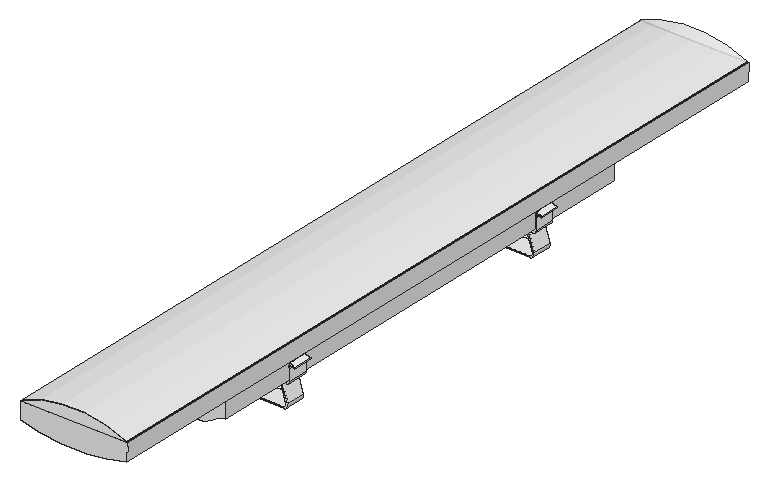
Revit family "Lighting-Industriale-GEWISS-SMART[3]e-PLAFONIERA-LED_OPALE_800mm", category Apparecchi per illuminazione, host Superficie, Revit 2019
Family settings
  Host = Superficie
  Quota connettore circolare = Usa diametro
  Tipo di parte = Normale
  Taglio con vuoti quando caricato = No
  Sorgente d'illuminazione = No
  Condiviso = No
  Punto di calcolo locali = Sì
Parameters (values of type "GWS3120EP840 - SMART3e 800 ON/OFF OPAL CRI80 4000K")
  visibilita etichetta [instance] = yes
  Viti esterne = "-"
  Versione file RFA = "21.4"
  Vano di alimentazione = "Integrato"
  URL = "https://www.gewiss.com/it/it"
  Tolleranza cromatica = "SDCM = 3"
  Tipologia sorgente luminosa = "LED - Non sostituibile"
  Tipo di installazione e montaggio = "Plafone - Parete - Sospensione"
  Tipo di apparecchio = "Apparecchio a LED per illuminazione generale"
  Tensione di alimentazione = "220 - 240 V"
  Temperatura di stoccaggio = "-25 +80 °C"
  Temperatura di esercizio = "-25 +40 °C"
  Superficie massima esposta al vento : = "-"
  Struttura = GEWISS - SMART 3 - GRIGIO
  Stampa 1_200 = no
  Stampa 1_100 = not(Stampa 1_200)  # yes
  SostituibilitÃ  piastra di cablaggio = "Non disponibile"
  SostituibilitÃ  gruppo ottico = "Non disponibile"
  Sistema di controllo : = "ON / OFF"
  Sistema di controllo = "Stand Alone - On / Off"
  Schermo. = Gewiss - Led Acceso
  Schermo = "Policarbonato stabilizzato agli UV"
  Scheda Tecnica = "https://www.gewiss.com/it/it/search?q=GWS3120EP840"
  Resistenza al filo incandescente = "850 °C"
  Resistenza agli urti = "IK08"
  Default Elevation = 1219.2 mm
  Produttore = "GEWISS S.p.A."
  Ottica = "Opale diffondente"
  Norma di riferimento = "EN60598-1; IEC 62778; IEC62471"
  Modello = "GWS3120EP840"
  Materiali = "-"
  Lunghezza Lampada = 800 mm  # constant formula
  Lampada = "LED"
  Installazione e manutenzione = "-"
  Informazioni generali = "-"
  Indice di resa cromatica = "CRI>80"
  Inclinazione = "Con staffa di fissaggio"
  Immagine tipo = GWS3118P.jpg
  IPEA = "-"
  IFC.TypeObject = ""
  IFC.ExportType = ""
  IFC.ExportAs = ""
  IDT = "c14e9783-cfcd-4d50-ad03-d02503739214"
  IDF = "be846229-bf4a-4f5a-83b7-3e164804b7c0"
  Guarnizioni = "Sigillante depositato a CNC"
  Gruppo ottico = "Integrato nello schermo"
  Grado di protezione = "IP66/IP69"
  Garanzia = "5 anni"
  Gancio di chiusura = "-"
  Ganci = GEWISS  - ALLUMINIO
  Spostamento_Y_effettivo_etichetta [instance] = 1500 mm
  Frequenza nominale (Hz) = "50/60 Hz"
  Fissaggio = "Supporto in acciaio INOX"
  Finitura colore = "PC colorato in pasta RAL7035"
  Failure rate alimentatore = "F10 = 90.000 h a Tq 25°C/F10= 50.000 h a Tq 40°C"
  Durata di vita = "L80B20(Tq25°C)=90.000h - L80B20(Tq40°C)=50.000h"
  Dispositivo di protezione = "DM 1KV / CM 2KV"
  Descrizione = "SMART3e 800 ON/OFF OPAL CRI80 4000K"
  Creato da GEWISS S.p.A. = ""
  Corpo = "Policarbonato"
  Controllo abbagliamento e luminanza = "UGR < 25 (4H/8H)"
  Contesto = "Illuminazione di magazzini, parcheggi coperti e locali produttivi industriali"
  Commenti sul wattaggio = "27W"
  Colore = "Grigio RAL 7035"
  Codice digitale univoco (Datamatrix) = "Datamatrix"
  Codice EAN = ""
  Classificazione: = "-"
  Classe isolamento = "II"
  Classe fotobiologica = "-"
  Certificazioni e classificazioni = "-"
  Certificazione DIN 18032-3 = "Non disponibile"
  Catalogo = "LIGHTING"
  Carico apparente = 27 VA
  Caratteristiche ottiche e illuminotecniche = "-"
  Caratteristiche elettriche e gestione della luce = "-"
  Cablaggio : = "Stand alone"
  Cablaggio = "Con connettore stagno Gw connect"
  COBie.Tagnumber = ""
  COBie.CreatedOn = ""
  COBie.CreatebBy = ""
  COBie.ComponentRegisterItemID = ""
  COBie.Component.TagNumber = ""
  COBie.Component.Space = ""
  COBie.Component.SerialNumber = ""
  COBie.Component.InstallationDate = ""
  COBie.Component.Description = ""
  COBie.Component.BarCode = ""
  Applicazione = "Interno"
  Apparecchio a ridotta temperatura superficiale = "Si"
  Alimentatore = "Incluso"
Types (2, lengths in mm): name | Scheda Tecnica | Modello | IDT | Descrizione
  GWS3120EP840 - SMART3e 800 ON/OFF OPAL CRI80 4000K | "https://www.gewiss.com/it/it/search?q=GWS3120EP840" | "GWS3120EP840" | "c14e9783-cfcd-4d50-ad03-d02503739214" | "SMART3e 800 ON/OFF OPAL CRI80 4000K"
  GWS3120EP857 - SMART3e 800 ON/OFF OPAL CRI80 5700K | "https://www.gewiss.com/it/it/search?q=GWS3120EP857" | "GWS3120EP857" | "aacb2571-b371-41c2-97ea-b3311e31495e" | "SMART3e 800 ON/OFF OPAL CRI80 5700K"
Reference planes
  plane 1 "Centro (Fronte/Retro)": y = 0
  plane 2: z = 0
  plane 3 "Centro (Sinistra/Destra)": x = 0
  plane 4: x = -1500
  plane 5: y = -1500
  plane 6: y = 0
  plane 7: x = 0
Forms (mm)
  Extrusion 1, solid, material "GEWISS  - ALLUMINIO" <- "Ganci", detail levels medium+fine
    sketch origin (0, 0, 0) x (1, 0, 0) y (0, 0, 1)
      loop
        arc (31.431, -0.002) -> (34.576, 1.589) -> (35.156, 5.066) r 3.903
        line (35.156, 5.066) -> (29.612, 23.211)
        arc (29.612, 23.211) -> (29.883, 24.381) -> (31.032, 24.73) r 1.2
        line (31.032, 24.73) -> (34.307, 23.974)
        arc (34.307, 23.974) -> (36.765, 24.53) -> (37.859, 26.8) r 2.9
        line (37.859, 26.8) -> (37.859, 38.8)
        arc (37.859, 38.8) -> (37.648, 39.694) -> (37.059, 40.4) r 2
        line (37.059, 40.4) -> (37.059, 42.71) -> (42.889, 40.588) -> (43.231, 41.528) -> (37.53, 43.603)
        arc (37.53, 43.603) -> (37.019, 43.613) -> (36.605, 43.311) r 0.8
        line (36.605, 43.311) -> (36.306, 26.139)
        arc (36.306, 26.139) -> (35.6, 25.444) -> (34.616, 25.34) r 1.5
        line (34.616, 25.34) -> (31.344, 26.095)
        arc (31.344, 26.095) -> (28.858, 25.335) -> (28.273, 22.802) r 2.6
        line (28.273, 22.802) -> (33.827, 4.636)
        arc (33.827, 4.636) -> (33.449, 2.415) -> (31.438, 1.4) r 2.5
        line (31.438, 1.4) -> (-31.437, 1.4)
        arc (-31.437, 1.4) -> (-33.449, 2.415) -> (-33.827, 4.636) r 2.5
        line (-33.827, 4.636) -> (-28.273, 22.802)
        arc (-28.273, 22.802) -> (-28.858, 25.335) -> (-31.344, 26.095) r 2.6
        line (-31.344, 26.095) -> (-34.616, 25.34)
        arc (-34.616, 25.34) -> (-35.6, 25.444) -> (-36.306, 26.139) r 1.5
        line (-36.306, 26.139) -> (-36.605, 43.311)
        arc (-36.605, 43.311) -> (-37.019, 43.613) -> (-37.53, 43.603) r 0.8
        line (-37.53, 43.603) -> (-43.203, 41.538) -> (-42.861, 40.598) -> (-37.059, 42.71) -> (-37.059, 40.4)
        arc (-37.059, 40.4) -> (-37.648, 39.694) -> (-37.859, 38.8) r 2
        line (-37.859, 38.8) -> (-37.859, 26.8)
        arc (-37.859, 26.8) -> (-36.765, 24.53) -> (-34.307, 23.974) r 2.9
        line (-34.307, 23.974) -> (-31.032, 24.73)
        arc (-31.032, 24.73) -> (-29.883, 24.381) -> (-29.612, 23.211) r 1.2
        line (-29.612, 23.211) -> (-35.156, 5.066)
        arc (-35.156, 5.066) -> (-34.576, 1.589) -> (-31.431, -0.002) r 3.903
        line (-31.431, -0.002) -> (31.431, -0.002)
    from 148.766 to 168.766
  Extrusion 2, solid, material "GEWISS  - ALLUMINIO" <- "Ganci", detail levels medium+fine
    sketch origin (0, 0, 0) x (1, 0, 0) y (0, 0, -1)
      loop
        line (31.431, 0.002) -> (-31.431, 0.002)
        arc (-31.431, 0.002) -> (-34.576, -1.589) -> (-35.156, -5.066) r 3.903
        line (-35.156, -5.066) -> (-29.612, -23.211)
        arc (-29.612, -23.211) -> (-29.883, -24.381) -> (-31.032, -24.73) r 1.2
        line (-31.032, -24.73) -> (-34.307, -23.974)
        arc (-34.307, -23.974) -> (-36.765, -24.53) -> (-37.859, -26.8) r 2.9
        line (-37.859, -26.8) -> (-37.859, -38.8)
        arc (-37.859, -38.8) -> (-37.648, -39.694) -> (-37.059, -40.4) r 2
        line (-37.059, -40.4) -> (-37.059, -42.71) -> (-42.861, -40.598) -> (-43.203, -41.538) -> (-37.53, -43.603)
        arc (-37.53, -43.603) -> (-37.019, -43.613) -> (-36.605, -43.311) r 0.8
        line (-36.605, -43.311) -> (-36.306, -26.139)
        arc (-36.306, -26.139) -> (-35.6, -25.444) -> (-34.616, -25.34) r 1.5
        line (-34.616, -25.34) -> (-31.344, -26.095)
        arc (-31.344, -26.095) -> (-28.858, -25.335) -> (-28.273, -22.802) r 2.6
        line (-28.273, -22.802) -> (-33.827, -4.636)
        arc (-33.827, -4.636) -> (-33.449, -2.415) -> (-31.437, -1.4) r 2.5
        line (-31.437, -1.4) -> (31.438, -1.4)
        arc (31.438, -1.4) -> (33.449, -2.415) -> (33.827, -4.636) r 2.5
        line (33.827, -4.636) -> (28.273, -22.802)
        arc (28.273, -22.802) -> (28.858, -25.335) -> (31.344, -26.095) r 2.6
        line (31.344, -26.095) -> (34.616, -25.34)
        arc (34.616, -25.34) -> (35.6, -25.444) -> (36.306, -26.139) r 1.5
        line (36.306, -26.139) -> (36.605, -43.311)
        arc (36.605, -43.311) -> (37.019, -43.613) -> (37.53, -43.603) r 0.8
        line (37.53, -43.603) -> (43.203, -41.538) -> (42.861, -40.598) -> (37.059, -42.71) -> (37.059, -40.4)
        arc (37.059, -40.4) -> (37.648, -39.694) -> (37.859, -38.8) r 2
        line (37.859, -38.8) -> (37.859, -26.8)
        arc (37.859, -26.8) -> (36.765, -24.53) -> (34.307, -23.974) r 2.9
        line (34.307, -23.974) -> (31.032, -24.73)
        arc (31.032, -24.73) -> (29.883, -24.381) -> (29.612, -23.211) r 1.2
        line (29.612, -23.211) -> (35.156, -5.066)
        arc (35.156, -5.066) -> (34.576, -1.589) -> (31.431, 0.002) r 3.903
    from 148.766 to 168.766
  Extrusion 3, solid, material "GEWISS - SMART 3 - GRIGIO" <- "Struttura", detail levels medium+fine
    sketch origin (0, 0, 0) x (1, 0, 0) y (0, 0, 1)
      loop
        line (-36.331, 55.757) -> (-35.847, 28.018)
        arc (-35.847, 28.018) -> (-33.139, 27.27) -> (-30.416, 26.58) r 129.5
        arc (-30.416, 26.58) -> (-28.066, 25.76) -> (-25.915, 24.506) r 13
        arc (-25.915, 24.506) -> (-24.23, 23.324) -> (-22.521, 22.178) r 99.5
        arc (-22.521, 22.178) -> (-16.401, 19.063) -> (-9.748, 17.365) r 31.146
        line (-9.748, 17.365) -> (12.491, 17.365)
        arc (12.491, 17.365) -> (17.822, 19.098) -> (22.764, 21.745) r 31.646
        arc (22.764, 21.745) -> (24.509, 22.915) -> (26.228, 24.122) r 100
        arc (26.228, 24.122) -> (28.283, 25.313) -> (30.525, 26.095) r 12.5
        arc (30.525, 26.095) -> (33.437, 26.834) -> (36.332, 27.64) r 130
        line (36.332, 27.64) -> (36.824, 55.851)
        arc (36.824, 55.851) -> (24.914, 53.937) -> (12.909, 52.764) r 195.047
        line (12.909, 52.764) -> (-12.909, 52.764)
        arc (-12.909, 52.764) -> (-24.665, 53.905) -> (-36.331, 55.757) r 195.047
    from -250 to 250
  Extrusion 4, solid, material "GEWISS - SMART 3 - GRIGIO" <- "Struttura", detail levels medium+fine
    sketch origin (0, 0, 0) x (1, 0, 0) y (0, 0, 1)
      loop
        line (54.725, 60.184) -> (55.177, 77.445) -> (-55.177, 77.445) -> (-54.725, 60.184)
        arc (-54.725, 60.184) -> (-34.019, 55.332) -> (-12.909, 52.764) r 195.047
        line (-12.909, 52.764) -> (12.909, 52.764)
        arc (12.909, 52.764) -> (34.019, 55.332) -> (54.725, 60.184) r 195.047
    from -400 to 400
  Extrusion 5, solid, material "Gewiss - Led Acceso" <- "Schermo.", detail levels medium+fine
    sketch origin (0, 0, 0) x (1, 0, 0) y (0, 0, 1)
      loop
        arc (54.697, 78.441) -> (-0.014, 90.457) -> (-54.723, 78.429) r 130.5
        arc (-54.723, 78.429) -> (-54.988, 77.838) -> (-54.5, 77.445) r 0.5
        line (-54.5, 77.445) -> (54.479, 77.445)
        arc (54.479, 77.445) -> (54.988, 77.855) -> (54.697, 78.441) r 0.522
    from -400 to 400
  Extrusion 6, solid, material "GEWISS - SMART 3 - GRIGIO" <- "Struttura", detail levels coarse
    sketch origin (0, 0, 0) x (1, 0, 0) y (0, 0, 1)
      loop
        line (-54.5, 90.439) -> (-54.5, 0) -> (54.5, 0) -> (54.5, 90.439) -> (-54.5, 90.439)
    from -400 to 400
Lines and regions (mm)
  Masking region 1
    outline origin (0, 0, 0) x (1, 0, 0) y (0, 1, 0)
      loop
        line (-55.177, 400) -> (-55.177, -400) -> (55.177, -400) -> (55.177, 400) -> (-55.177, 400)
  model lines, style "GEWISS - LIGHT 2D", not visible
    curve 1: arc (658.224, 441.447, 0) -> (657.902, 441.529, 0) -> (657.571, 441.558, 0) r 1.999
    curve 2: arc (659.744, 439.503, 0) -> (659.172, 440.906, 0) -> (657.781, 441.505, 0) r 1.998
    curve 3: arc (549.391, -356.494, 0) -> (549.963, -357.897, 0) -> (551.356, -358.495, 0) r 1.998
    curve 4: arc (657.744, -358.495, 0) -> (659.181, -357.627, 0) -> (659.745, -356.046, 0) r 2.5
    curve 5: arc (551.891, 441.558, 0) -> (550.123, 440.825, 0) -> (549.391, 439.058, 0) r 2.5
    curve 6: line (657.571, 441.558, 0) -> (604.567, 441.558, 0)
    curve 7: line (604.567, 441.558, 0) -> (551.891, 441.558, 0)
    curve 8: line (551.356, -358.495, 0) -> (604.568, -358.495, 0)
    curve 9: line (604.568, -358.495, 0) -> (657.744, -358.495, 0)
    curve 10: line (659.745, -356.046, 0) -> (659.745, 439.503, 0)
    curve 11: line (657.781, 441.505, 0) -> (604.567, 441.505, 0)
    curve 12: line (549.391, -356.494, 0) -> (549.391, 439.058, 0)
    curve 13: line (604.569, 276.529, 0) -> (604.569, -193.52, 0)
  symbolic lines
    curve 14: line (0, 348.766, 0) -> (0, -351.234, 0)
Dimensions and locks
  plane 4 to plane 3 "Centro (Sinistra/Destra)" = 1500 mm
  plane 5 to plane 1 "Centro (Fronte/Retro)" = 1500 mm
  "Spostamento_Y_effettivo_etichetta": plane 6 to plane 5
  plane 4 to plane 7 = 1500 mm
  aligned and locked: plane 2 to host face
  aligned and locked: level to host face
  aligned and locked: Masking region 1 sketch curve to Extrusion 4  (x4)
  aligned and locked: nested 1 to plane 6
  aligned and locked: nested 1 to plane 7
  aligned and locked: curve 14 to plane 7
Automatic sketch dimensions
  host sketch curve to host sketch curve = 2438.4 mm  (x2)
  Extrusion 1 sketch curve to Extrusion 1 sketch curve = 0 mm  (x28)
  Extrusion 1 sketch curve to plane 3 "Centro (Sinistra/Destra)" = 43.203 mm
  level to Extrusion 1 sketch curve = 40.598 mm
  Extrusion 1 sketch curve to Extrusion 1 sketch curve = 0.342 mm  (x2)
  Extrusion 1 sketch curve to Extrusion 1 sketch curve = 5.002 mm
  Extrusion 1 sketch curve to Extrusion 1 sketch curve = 0.329 mm
  Extrusion 1 sketch curve to Extrusion 1 sketch curve = 0.271 mm  (x2)
  Extrusion 1 sketch curve to Extrusion 1 sketch curve = 0.8 mm  (x2)
  Extrusion 1 sketch curve to Extrusion 1 sketch curve = 0.454 mm  (x2)
  Extrusion 1 sketch curve to Extrusion 1 sketch curve = 1.554 mm
  Extrusion 1 sketch curve to Extrusion 1 sketch curve = 2 mm
  level to Extrusion 1 sketch curve = 5.066 mm  (x2)
  Extrusion 1 sketch curve to Extrusion 1 sketch curve = 1.15 mm
  Extrusion 1 sketch curve to Extrusion 1 sketch curve = 1.346 mm  (x2)
  Extrusion 1 sketch curve to Extrusion 1 sketch curve = 0.343 mm  (x2)
  level to Extrusion 1 sketch curve = 4.636 mm  (x2)
  Extrusion 1 sketch curve to Extrusion 1 sketch curve = 1.329 mm  (x2)
  level to Extrusion 1 sketch curve = 1.4 mm
  Extrusion 1 sketch curve to Extrusion 1 sketch curve = 2.389 mm  (x2)
  Extrusion 1 sketch curve to Extrusion 1 sketch curve = 0.007 mm  (x2)
  Extrusion 1 sketch curve to Extrusion 1 sketch curve = 3.584 mm  (x2)
  Extrusion 1 sketch curve to Extrusion 1 sketch curve = 0.273 mm  (x2)
  plane 3 "Centro (Sinistra/Destra)" to Extrusion 1 sketch curve = 30.759 mm
  Extrusion 1 sketch curve to level = 0.002 mm
  Extrusion 1 sketch curve to Extrusion 1 sketch curve = 0.672 mm
  Extrusion 1 sketch curve to Extrusion 1 sketch curve = 0.9 mm
  level to Extrusion 1 sketch curve = 26.139 mm
  Extrusion 1 sketch curve to Extrusion 1 sketch curve = 0.746 mm
  Extrusion 1 sketch curve to Extrusion 1 sketch curve = 0.2 mm
  Extrusion 1 sketch curve to Extrusion 1 sketch curve = 5.029 mm
  Extrusion 1 sketch curve to Extrusion 1 sketch curve = 2.577 mm
  Extrusion 1 sketch curve to Extrusion 1 sketch curve = 18.496 mm
  Extrusion 1 sketch curve to Extrusion 1 sketch curve = 1.169 mm  (x2)
  Extrusion 1 sketch curve to Extrusion 1 sketch curve = 0.609 mm
  Extrusion 1 sketch curve to Extrusion 1 sketch curve = 0.799 mm  (x2)
  Extrusion 1 sketch curve to Extrusion 1 sketch curve = 1.798 mm
  Extrusion 1 sketch curve to Extrusion 1 sketch curve = 12 mm
  Extrusion 1 sketch curve to Extrusion 1 sketch curve = 1.788 mm
  Extrusion 1 sketch curve to Extrusion 1 sketch curve = 0.94 mm  (x2)
  Extrusion 1 sketch curve to Extrusion 1 sketch curve = 0.14 mm  (x2)
  Extrusion 1 sketch curve to Extrusion 1 sketch curve = 0.309 mm  (x2)
  Extrusion 1 sketch curve to Extrusion 1 sketch curve = 0.312 mm  (x2)
  Extrusion 1 sketch curve to Extrusion 1 sketch curve = 1.148 mm  (x2)
  Extrusion 1 sketch curve to Extrusion 1 sketch curve = 1.339 mm
  Extrusion 1 sketch curve to Extrusion 1 sketch curve = 2.486 mm
  Extrusion 1 sketch curve to Extrusion 1 sketch curve = 0.409 mm  (x2)
  Extrusion 2 sketch curve to Extrusion 2 sketch curve = 0 mm  (x28)
  Extrusion 2 sketch curve to plane 3 "Centro (Sinistra/Destra)" = 43.203 mm
  level to Extrusion 2 sketch curve = 40.598 mm
  Extrusion 2 sketch curve to Extrusion 2 sketch curve = 0.342 mm  (x2)
  Extrusion 2 sketch curve to Extrusion 2 sketch curve = 5.002 mm  (x2)
  Extrusion 2 sketch curve to Extrusion 2 sketch curve = 0.329 mm
  Extrusion 2 sketch curve to Extrusion 2 sketch curve = 0.271 mm  (x2)
  Extrusion 2 sketch curve to Extrusion 2 sketch curve = 0.8 mm  (x2)
  Extrusion 2 sketch curve to Extrusion 2 sketch curve = 0.454 mm  (x2)
  Extrusion 2 sketch curve to Extrusion 2 sketch curve = 1.554 mm
  Extrusion 2 sketch curve to Extrusion 2 sketch curve = 2 mm
  level to Extrusion 2 sketch curve = 5.066 mm  (x2)
  Extrusion 2 sketch curve to Extrusion 2 sketch curve = 1.15 mm
  Extrusion 2 sketch curve to Extrusion 2 sketch curve = 1.346 mm  (x2)
  Extrusion 2 sketch curve to Extrusion 2 sketch curve = 0.343 mm  (x2)
  level to Extrusion 2 sketch curve = 4.636 mm  (x2)
  Extrusion 2 sketch curve to Extrusion 2 sketch curve = 1.329 mm  (x2)
  level to Extrusion 2 sketch curve = 1.4 mm
  Extrusion 2 sketch curve to Extrusion 2 sketch curve = 2.389 mm  (x2)
  Extrusion 2 sketch curve to Extrusion 2 sketch curve = 0.007 mm  (x2)
  Extrusion 2 sketch curve to Extrusion 2 sketch curve = 3.584 mm  (x2)
  Extrusion 2 sketch curve to Extrusion 2 sketch curve = 0.273 mm  (x2)
  plane 3 "Centro (Sinistra/Destra)" to Extrusion 2 sketch curve = 30.759 mm
  Extrusion 2 sketch curve to level = 0.002 mm
  Extrusion 2 sketch curve to Extrusion 2 sketch curve = 0.672 mm
  Extrusion 2 sketch curve to Extrusion 2 sketch curve = 0.9 mm
  level to Extrusion 2 sketch curve = 26.139 mm
  Extrusion 2 sketch curve to Extrusion 2 sketch curve = 0.746 mm
  Extrusion 2 sketch curve to Extrusion 2 sketch curve = 0.2 mm
  Extrusion 2 sketch curve to Extrusion 2 sketch curve = 14.46 mm
  Extrusion 2 sketch curve to Extrusion 2 sketch curve = 0.94 mm  (x2)
  Extrusion 2 sketch curve to Extrusion 2 sketch curve = 0.14 mm  (x2)
  Extrusion 2 sketch curve to Extrusion 2 sketch curve = 2.31 mm  (x2)
  Extrusion 2 sketch curve to Extrusion 2 sketch curve = 12 mm
  Extrusion 2 sketch curve to Extrusion 2 sketch curve = 0.661 mm  (x2)
  Extrusion 2 sketch curve to Extrusion 2 sketch curve = 0.609 mm  (x2)
  Extrusion 2 sketch curve to Extrusion 2 sketch curve = 1.169 mm  (x2)
  Extrusion 2 sketch curve to Extrusion 2 sketch curve = 0.309 mm  (x2)
  Extrusion 2 sketch curve to Extrusion 2 sketch curve = 0.312 mm  (x2)
  Extrusion 2 sketch curve to Extrusion 2 sketch curve = 1.148 mm  (x2)
  Extrusion 2 sketch curve to Extrusion 2 sketch curve = 1.339 mm
  Extrusion 2 sketch curve to Extrusion 2 sketch curve = 2.486 mm
  Extrusion 2 sketch curve to Extrusion 2 sketch curve = 1.365 mm  (x2)
  Extrusion 3 sketch curve to plane 3 "Centro (Sinistra/Destra)" = 36.331 mm
  Extrusion 3 sketch curve to Extrusion 3 sketch curve = 0.484 mm
  Extrusion 3 sketch curve to Extrusion 3 sketch curve = 2.34 mm
  Extrusion 3 sketch curve to plane 3 "Centro (Sinistra/Destra)" = 32.068 mm
  Extrusion 3 sketch curve to plane 3 "Centro (Sinistra/Destra)" = 12.909 mm
  Extrusion 3 sketch curve to plane 3 "Centro (Sinistra/Destra)" = 9.748 mm
  Extrusion 3 sketch curve to plane 3 "Centro (Sinistra/Destra)" = 5.421 mm
  Extrusion 3 sketch curve to plane 3 "Centro (Sinistra/Destra)" = 0.057 mm
  Extrusion 3 sketch curve to plane 3 "Centro (Sinistra/Destra)" = 0.007 mm
  Extrusion 3 sketch curve to plane 3 "Centro (Sinistra/Destra)" = 0.001 mm
  plane 3 "Centro (Sinistra/Destra)" to Extrusion 3 sketch curve = 0.057 mm
  plane 3 "Centro (Sinistra/Destra)" to Extrusion 3 sketch curve = 5.412 mm
  plane 3 "Centro (Sinistra/Destra)" to Extrusion 3 sketch curve = 12.491 mm
  Extrusion 3 sketch curve to Extrusion 3 sketch curve = 7.496 mm
  plane 3 "Centro (Sinistra/Destra)" to Extrusion 3 sketch curve = 32.059 mm
  Extrusion 3 sketch curve to Extrusion 3 sketch curve = 21.008 mm
  Extrusion 3 sketch curve to Extrusion 3 sketch curve = 2.833 mm
  Extrusion 3 sketch curve to Extrusion 3 sketch curve = 23.916 mm
  level to Extrusion 3 sketch curve = 13.953 mm  (x2)
  level to Extrusion 3 sketch curve = 17.365 mm  (x2)
  Extrusion 3 sketch curve to Extrusion 3 sketch curve = 13.687 mm
  Extrusion 3 sketch curve to Extrusion 3 sketch curve = 14.064 mm
  Extrusion 3 sketch curve to Extrusion 3 sketch curve = 30.844 mm
  Extrusion 3 sketch curve to Extrusion 3 sketch curve = 0 mm  (x3)
  Extrusion 3 sketch curve to Extrusion 3 sketch curve = 4.555 mm
  Extrusion 3 sketch curve to Extrusion 3 sketch curve = 2.993 mm
  Extrusion 3 sketch curve to Extrusion 3 sketch curve = 3.087 mm
  Extrusion 3 sketch curve to Extrusion 3 sketch curve = 49.52 mm
  Extrusion 3 sketch curve to Extrusion 3 sketch curve = 49.615 mm
  Extrusion 3 sketch curve to Extrusion 3 sketch curve = 47.089 mm
  Extrusion 3 sketch curve to Extrusion 3 sketch curve = 5.431 mm
  Extrusion 3 sketch curve to Extrusion 3 sketch curve = 4.5 mm
  Extrusion 3 sketch curve to Extrusion 3 sketch curve = 10.273 mm
  Extrusion 3 sketch curve to Extrusion 3 sketch curve = 3.465 mm
  Extrusion 3 sketch curve to Extrusion 3 sketch curve = 4.297 mm
  Extrusion 4 sketch curve to plane 3 "Centro (Sinistra/Destra)" = 55.177 mm
  Extrusion 4 sketch curve to Extrusion 4 sketch curve = 0.452 mm  (x2)
  Extrusion 4 sketch curve to plane 3 "Centro (Sinistra/Destra)" = 12.909 mm
  Extrusion 4 sketch curve to plane 3 "Centro (Sinistra/Destra)" = 0.057 mm
  plane 3 "Centro (Sinistra/Destra)" to Extrusion 4 sketch curve = 0.057 mm
  plane 3 "Centro (Sinistra/Destra)" to Extrusion 4 sketch curve = 12.909 mm
  Extrusion 4 sketch curve to Extrusion 4 sketch curve = 41.816 mm
  level to Extrusion 4 sketch curve = 52.764 mm
  Extrusion 4 sketch curve to Extrusion 4 sketch curve = 7.42 mm  (x2)
  Extrusion 4 sketch curve to Extrusion 4 sketch curve = 17.262 mm
  Extrusion 5 sketch curve to plane 3 "Centro (Sinistra/Destra)" = 0 mm
  Extrusion 5 sketch curve to plane 3 "Centro (Sinistra/Destra)" = 54.5 mm
  plane 3 "Centro (Sinistra/Destra)" to Extrusion 5 sketch curve = 54.479 mm
  Extrusion 5 sketch curve to level = 40.043 mm
  level to Extrusion 5 sketch curve = 77.445 mm
  Extrusion 5 sketch curve to Extrusion 5 sketch curve = 0.5 mm
  Extrusion 5 sketch curve to Extrusion 5 sketch curve = 0.522 mm
  Extrusion 5 sketch curve to Extrusion 5 sketch curve = 0.21 mm
  Extrusion 5 sketch curve to Extrusion 5 sketch curve = 0.014 mm
  Extrusion 5 sketch curve to Extrusion 5 sketch curve = 0 mm
  Extrusion 6 sketch curve to level = 0 mm
  Extrusion 6 sketch curve to plane 3 "Centro (Sinistra/Destra)" = 54.5 mm
  plane 3 "Centro (Sinistra/Destra)" to Extrusion 6 sketch curve = 54.5 mm
  Extrusion 6 sketch curve to Extrusion 6 sketch curve = 90.439 mm
  plane 1 "Centro (Fronte/Retro)" to curve 14 = 351.234 mm
  curve 14 to plane 1 "Centro (Fronte/Retro)" = 348.766 mm
Nested families
  nested 1: "ETICHETTA WATTAGGIO" at (0, 0, 0), visible <- "visibilita etichetta", type "ETICHETTA WATTAGGIO"
Connectors
  electrical at (0, 0, 0), driven by "Carico apparente"
    settings: on Masking region 1, index 1, voltage 230 V, apparent load 0 VA, apparent load phase1 27 VA, apparent load phase2 0 VA, apparent load phase3 0 VA, power factor 1, load classification "Illuminazione", number of poles 2, system type 31, power factor state 1, is connector primary yes, connector utility no, sub classification motor no, connector description ""
Definition of nested family "ETICHETTA WATTAGGIO"
  Parameters (values of type "ETICHETTA WATTAGGIO")
    GW - Potenza di sistema = ""
    GW - Numero LED = ""
    COMMENTI = "13W"
    1_200 = no
    1_100 = yes
  Reference planes
    plane 1: y = 0
    plane 2: x = 0
  Text (mm)
    label "GW - Potenza di sistema\nGW - Numero LED LED" at (-0.057, -0.214, 0), shows "GW - Potenza di sistema", "GW - Numero LED", visible <- "1_100"
    label "GW - Potenza di sistema\nGW - Numero LED LED " at (-0.057, -0.214, 0), shows "GW - Potenza di sistema", "GW - Numero LED", visible <- "1_200"
